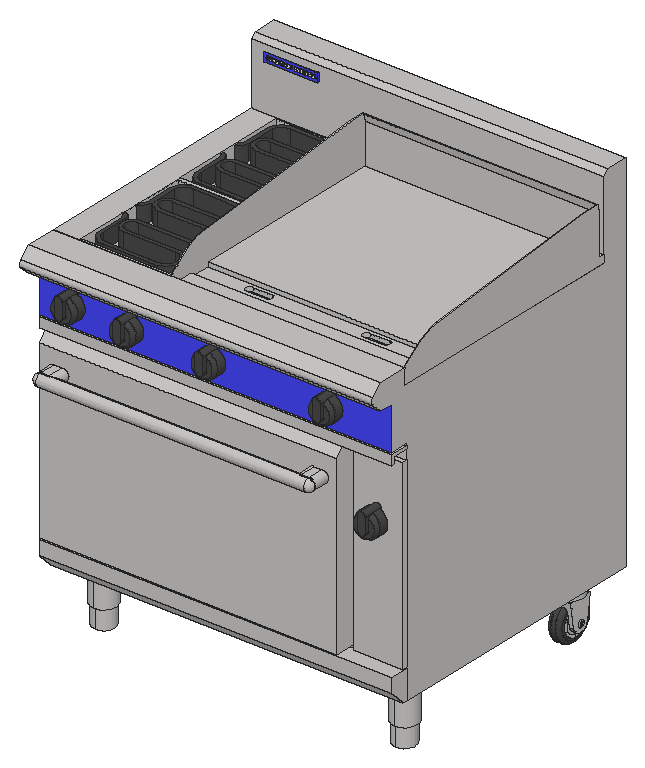
Revit family "QF_MOFFAT_BLUESEAL_CE_E506B", category Specialty Equipment, Revit 2012 (continued)
Definition of nested family "ELECTRIC BURNER & GRIDDLE 900"
  Lines and regions (mm)
    symbolic lines
      curve 27: arc (75.912, -271.286, 0) -> (87.513, -296.851, 0) -> (113.784, -306.75, 0) r 36.722
      curve 28: line (113.784, -306.75, 0) -> (246.212, -306.75, 0)
      curve 29: arc (246.212, -306.75, 0) -> (283.912, -269.05, 0) -> (246.212, -231.35, 0) r 37.7
      curve 30: line (246.212, -231.35, 0) -> (113.612, -231.35, 0)
      curve 31: arc (113.612, -231.35, 0) -> (95.912, -213.65, 0) -> (113.612, -195.95, 0) r 17.7
      curve 32: line (113.612, -195.95, 0) -> (246.212, -195.95, 0)
      curve 33: arc (246.212, -195.95, 0) -> (283.912, -158.25, 0) -> (246.212, -120.55, 0) r 37.7
      curve 34: line (246.212, -120.55, 0) -> (113.612, -120.55, 0)
      curve 35: arc (113.612, -120.55, 0) -> (95.912, -102.85, 0) -> (113.612, -85.15, 0) r 17.7
      curve 36: line (113.612, -85.15, 0) -> (246.212, -85.15, 0)
      curve 37: arc (246.212, -85.15, 0) -> (283.912, -47.45, 0) -> (246.212, -9.75, 0) r 37.7
      curve 38: line (246.212, -9.75, 0) -> (113.784, -9.75, 0)
      curve 39: arc (113.784, -9.75, 0) -> (87.513, -19.649, 0) -> (75.912, -45.214, 0) r 36.722
      curve 40: line (75.912, -45.214, 0) -> (75.912, -116.493, 0)
      curve 41: arc (75.912, -116.493, 0) -> (72.972, -125.276, 0) -> (65.612, -130.9, 0) r 15.79
      curve 42: line (65.612, -130.9, 0) -> (65.612, -141.293, 0)
      curve 43: arc (65.612, -141.293, 0) -> (80.048, -132.472, 0) -> (85.912, -116.604, 0) r 25.79
      curve 44: line (85.912, -116.604, 0) -> (85.912, -45.396, 0)
      curve 45: arc (85.912, -45.396, 0) -> (94.459, -26.845, 0) -> (113.612, -19.75, 0) r 26.722
      curve 46: line (246.212, -387.65, 0) -> (114.862, -387.65, 0)
      curve 47: arc (114.862, -387.65, 0) -> (87.162, -415.35, 0) -> (114.862, -443.05, 0) r 27.7
      curve 48: line (114.862, -443.05, 0) -> (246.212, -443.05, 0)
      curve 49: arc (246.212, -443.05, 0) -> (273.912, -470.75, 0) -> (246.212, -498.45, 0) r 27.7
      curve 50: line (246.212, -498.45, 0) -> (114.862, -498.45, 0)
      curve 51: arc (114.862, -498.45, 0) -> (87.162, -526.15, 0) -> (114.862, -553.85, 0) r 27.7
      curve 52: line (114.862, -553.85, 0) -> (246.212, -553.85, 0)
      curve 53: arc (246.212, -553.85, 0) -> (273.912, -581.55, 0) -> (246.212, -609.25, 0) r 27.7
      curve 54: line (246.212, -609.25, 0) -> (113.612, -609.25, 0)
      curve 55: arc (113.612, -609.25, 0) -> (94.459, -602.155, 0) -> (85.912, -583.604, 0) r 26.722
      curve 56: line (85.912, -583.604, 0) -> (85.912, -512.396, 0)
      curve 57: arc (85.912, -512.396, 0) -> (79.848, -496.287, 0) -> (65, -487.582, 0) r 25.79
      curve 58: line (65, -487.582, 0) -> (65, -497.888, 0)
      curve 59: arc (65, -497.888, 0) -> (72.781, -503.462, 0) -> (75.912, -512.507, 0) r 15.79
      curve 60: line (75.912, -512.507, 0) -> (75.912, -583.786, 0)
      curve 61: arc (75.912, -583.786, 0) -> (87.513, -609.351, 0) -> (113.784, -619.25, 0) r 36.722
      curve 62: line (113.784, -619.25, 0) -> (246.212, -619.25, 0)
      curve 63: arc (246.212, -619.25, 0) -> (283.912, -581.55, 0) -> (246.212, -543.85, 0) r 37.7
      curve 64: line (246.212, -543.85, 0) -> (113.612, -543.85, 0)
      curve 65: arc (113.612, -543.85, 0) -> (95.912, -526.15, 0) -> (113.612, -508.45, 0) r 17.7
      curve 66: line (113.612, -508.45, 0) -> (246.212, -508.45, 0)
      curve 67: arc (246.212, -508.45, 0) -> (283.912, -470.75, 0) -> (246.212, -433.05, 0) r 37.7
      curve 68: line (246.212, -433.05, 0) -> (113.612, -433.05, 0)
      curve 69: arc (113.612, -433.05, 0) -> (95.912, -415.35, 0) -> (113.612, -397.65, 0) r 17.7
      curve 70: line (113.612, -397.65, 0) -> (246.212, -397.65, 0)
      curve 71: arc (246.212, -397.65, 0) -> (283.912, -359.95, 0) -> (246.212, -322.25, 0) r 37.7
      curve 72: line (246.212, -322.25, 0) -> (113.784, -322.25, 0)
      curve 73: arc (113.784, -322.25, 0) -> (87.513, -332.149, 0) -> (75.912, -357.714, 0) r 36.722
      curve 74: line (75.912, -357.714, 0) -> (75.912, -428.981, 0)
      curve 75: arc (75.912, -428.981, 0) -> (72.964, -437.79, 0) -> (65.612, -443.468, 0) r 15.973
      curve 76: line (65.612, -443.468, 0) -> (65.612, -453.881, 0)
      curve 77: arc (65.612, -453.881, 0) -> (80.037, -444.995, 0) -> (85.912, -429.104, 0) r 25.973
      curve 78: line (85.912, -429.104, 0) -> (85.912, -357.896, 0)
      curve 79: arc (85.912, -357.896, 0) -> (94.459, -339.345, 0) -> (113.612, -332.25, 0) r 26.722
      curve 80: line (113.612, -332.25, 0) -> (246.212, -332.25, 0)
      curve 81: arc (246.212, -332.25, 0) -> (273.912, -359.95, 0) -> (246.212, -387.65, 0) r 27.7
      curve 82: line (0, 0, 0) -> (0, -635, 0)
      curve 83: line (65.8, -320.251, 0) -> (294.362, -320.251, 0)
      curve 84: line (294.362, -320.251, 0) -> (294.362, -630, 0)
      curve 85: line (294.362, -630, 0) -> (65.8, -630, 0)
      curve 86: line (65.8, -630, 0) -> (65.8, -320.251, 0)
      curve 87: line (65.8, -312.651, 0) -> (65.8, -5, 0)
      curve 88: line (65.8, -5, 0) -> (294.362, -5, 0)
      curve 89: line (294.362, -5, 0) -> (294.362, -312.651, 0)
      curve 90: line (294.362, -312.651, 0) -> (65.8, -312.651, 0)
  Dimensions and locks
    equal spacing: plane 3 "LEFT", plane 7 "Center Y", plane 4 "RIGHT"
    "Width": plane 3 "LEFT" to plane 4 "RIGHT"
    equal spacing: plane 5 "FRONT", plane 8 "Center X", plane 1 "BACK"
    "Depth": plane 5 "FRONT" to plane 1 "BACK"
    aligned and locked: level to plane 2
  Automatic sketch dimensions
    plane 1 "BACK" to Extrusion 1 sketch curve = 0 mm
    Extrusion 1 sketch curve to plane 10 = 0 mm  (x2)
    Extrusion 1 sketch curve to plane 3 "LEFT" = 0 mm
    plane 5 "FRONT" to Extrusion 1 sketch curve = 0 mm
    plane 1 "BACK" to Extrusion 1 sketch curve = 5 mm
    plane 8 "Center X" to Extrusion 1 sketch curve = 4.849 mm
    Extrusion 1 sketch curve to plane 8 "Center X" = 2.751 mm
    Extrusion 1 sketch curve to plane 5 "FRONT" = 5 mm
    Extrusion 1 sketch curve to plane 7 "Center Y" = 155.638 mm  (x2)
    Extrusion 1 sketch curve to Extrusion 1 sketch curve = 5.638 mm
    Extrusion 2 sketch curve to Extrusion 2 sketch curve = 0 mm  (x35)
    plane 1 "BACK" to Extrusion 2 sketch curve = 9.75 mm
    Extrusion 2 sketch curve to Extrusion 2 sketch curve = 10 mm  (x2)
    plane 9 to Extrusion 2 sketch curve = 24.786 mm
    Extrusion 2 sketch curve to Extrusion 2 sketch curve = 0.182 mm  (x4)
    plane 9 to Extrusion 2 sketch curve = 23.546 mm
    plane 9 to Extrusion 2 sketch curve = 22.55 mm
    Extrusion 2 sketch curve to Extrusion 2 sketch curve = 17.7 mm  (x4)
    Extrusion 2 sketch curve to plane 9 = 46.093 mm
    Extrusion 2 sketch curve to Extrusion 2 sketch curve = 0.4 mm  (x2)
    Extrusion 2 sketch curve to Extrusion 2 sketch curve = 0.111 mm  (x2)
    Extrusion 2 sketch curve to Extrusion 2 sketch curve = 14.806 mm
    Extrusion 2 sketch curve to Extrusion 2 sketch curve = 10.393 mm
    Extrusion 2 sketch curve to Extrusion 2 sketch curve = 27.7 mm  (x6)
    Extrusion 2 sketch curve to Extrusion 2 sketch curve = 33.826 mm
    Extrusion 2 sketch curve to Extrusion 2 sketch curve = 10.413 mm  (x2)
    Extrusion 2 sketch curve to Extrusion 2 sketch curve = 14.364 mm
    Extrusion 2 sketch curve to Extrusion 2 sketch curve = 0.123 mm  (x2)
    Extrusion 2 sketch curve to Extrusion 2 sketch curve = 14.934 mm  (x2)
    Extrusion 2 sketch curve to Extrusion 2 sketch curve = 26.704 mm  (x2)
    Extrusion 2 sketch curve to Extrusion 2 sketch curve = 1.058 mm  (x3)
    Extrusion 2 sketch curve to plane 8 "Center X" = 4.75 mm
    Extrusion 2 sketch curve to plane 8 "Center X" = 40.214 mm
    Extrusion 2 sketch curve to Extrusion 2 sketch curve = 4.516 mm
    Extrusion 2 sketch curve to Extrusion 2 sketch curve = 0.447 mm
    Extrusion 2 sketch curve to Extrusion 2 sketch curve = 33.7 mm
    Extrusion 2 sketch curve to Extrusion 2 sketch curve = 10.306 mm
    Extrusion 2 sketch curve to Extrusion 2 sketch curve = 14.508 mm
    plane 3 "LEFT" to Extrusion 2 sketch curve = 59.946 mm  (x2)
    plane 3 "LEFT" to Extrusion 2 sketch curve = 60.128 mm  (x2)
    Extrusion 2 sketch curve to Extrusion 2 sketch curve = 4.872 mm
    Extrusion 2 sketch curve to Extrusion 2 sketch curve = 5.484 mm
    Extrusion 2 sketch curve to Extrusion 2 sketch curve = 5.667 mm  (x2)
    Extrusion 2 sketch curve to Extrusion 2 sketch curve = 26.701 mm  (x4)
    Extrusion 2 sketch curve to Extrusion 2 sketch curve = 0.999 mm  (x3)
    Extrusion 2 sketch curve to Extrusion 2 sketch curve = 0.156 mm
    Extrusion 2 sketch curve to Extrusion 2 sketch curve = 0.625 mm
    Extrusion 2 sketch curve to Extrusion 2 sketch curve = 1.25 mm  (x2)
    Extrusion 2 sketch curve to Extrusion 2 sketch curve = 132.6 mm
    Extrusion 2 sketch curve to Extrusion 2 sketch curve = 132.428 mm
    Extrusion 2 sketch curve to Extrusion 2 sketch curve = 131.35 mm
    curve 11 to curve 37 = 0 mm  (x2)
    curve 15 to curve 33 = 0 mm  (x2)
    curve 19 to curve 29 = 0 mm  (x2)
    curve 21 to curve 27 = 0 mm  (x2)
    curve 23 to curve 25 = 0 mm  (x2)
    curve 39 to curve 45 = 0 mm  (x2)
    curve 41 to curve 43 = 0 mm  (x2)
    curve 49 to curve 67 = 0 mm  (x2)
    curve 53 to curve 63 = 0 mm  (x2)
    curve 55 to curve 61 = 0 mm  (x2)
    curve 57 to curve 59 = 0 mm  (x2)
    curve 71 to curve 81 = 0 mm  (x2)
    curve 73 to curve 79 = 0 mm  (x2)
    curve 75 to curve 77 = 0 mm  (x2)
    curve 1 to plane 3 "LEFT" = 0 mm
    plane 5 "FRONT" to curve 7 = 0 mm
    curve 3 to plane 4 "RIGHT" = 0 mm
    plane 1 "BACK" to curve 82 = 0 mm
    plane 3 "LEFT" to curve 25 = 59.946 mm
    plane 3 "LEFT" to curve 75 = 59.946 mm
    plane 3 "LEFT" to curve 59 = 60.128 mm
    plane 3 "LEFT" to curve 43 = 60.128 mm
    curve 57 to curve 58 = 4.872 mm
    curve 23 to curve 25 = 5.667 mm
    curve 41 to curve 43 = 5.484 mm
    curve 75 to curve 76 = 5.667 mm
    curve 7 to plane 8 "Center X" = 2.751 mm
    plane 3 "LEFT" to curve 7 = 65.8 mm
    curve 90 to curve 7 = 0 mm
    curve 57 to curve 59 = 15.784 mm
    curve 75 to curve 74 = 15.967 mm
    curve 87 to curve 27 = 10.112 mm
    curve 87 to curve 39 = 10.112 mm
    curve 25 to curve 23 = 10 mm
    curve 39 to curve 44 = 10 mm
    curve 73 to curve 79 = 10 mm
    curve 59 to curve 57 = 10 mm
    curve 44 to curve 39 = 26.701 mm
    curve 21 to curve 27 = 26.701 mm
    curve 79 to curve 79 = 26.701 mm
    curve 56 to curve 55 = 26.701 mm
    curve 23 to curve 32 = 27.7 mm
    curve 36 to plane 9 = 15.15 mm
    curve 39 to curve 36 = 0.999 mm
    curve 56 to curve 66 = 27.7 mm
    curve 55 to curve 55 = 0.999 mm
    curve 77 to curve 68 = 27.7 mm
    curve 21 to curve 20 = 0.999 mm
    curve 79 to plane 8 "Center X" = 14.75 mm
    curve 73 to curve 79 = 0.999 mm
    curve 39 to curve 45 = 0.999 mm
    curve 35 to curve 13 = 0.156 mm
    curve 54 to curve 62 = 0.172 mm
    curve 45 to curve 39 = 0.172 mm
    curve 80 to curve 72 = 0.172 mm
    curve 20 to curve 27 = 0.172 mm
    curve 31 to curve 17 = 0.625 mm
    curve 65 to curve 51 = 1.25 mm
    curve 68 to curve 48 = 1.25 mm
    curve 54 to plane 5 "FRONT" = 25.75 mm
    curve 54 to curve 54 = 132.6 mm
    curve 50 to curve 63 = 0 mm
    curve 46 to curve 68 = 0 mm
    plane 1 "BACK" to curve 38 = 9.75 mm
    curve 39 to curve 38 = 132.428 mm
    curve 34 to curve 36 = 0 mm
    curve 30 to curve 32 = 0 mm
    plane 8 "Center X" to curve 90 = 4.849 mm
    curve 29 to curve 90 = 48.15 mm
    curve 9 to plane 5 "FRONT" = 0.299 mm
    curve 62 to curve 9 = 48.15 mm
    curve 8 to curve 89 = 0 mm
    curve 9 to curve 9 = 11.275 mm
    plane 4 "RIGHT" to curve 2 = 65.612 mm
    curve 6 to curve 86 = 5 mm
    curve 62 to curve 54 = 10 mm
    curve 55 to curve 60 = 25.464 mm
    curve 54 to curve 53 = 27.7 mm
    curve 64 to curve 65 = 17.7 mm
    curve 65 to curve 51 = 0 mm
    curve 59 to curve 66 = 4.457 mm
    curve 57 to curve 59 = 0.4 mm
    curve 59 to curve 57 = 0.111 mm
    curve 49 to curve 67 = 27.7 mm
    curve 57 to curve 77 = 33.7 mm
    curve 77 to curve 76 = 10.413 mm
    curve 75 to curve 77 = 14.364 mm
    curve 68 to curve 69 = 17.7 mm
    curve 69 to curve 47 = 0 mm
    curve 79 to curve 79 = 26.704 mm
    plane 8 "Center X" to curve 28 = 10.75 mm
    curve 28 to curve 19 = 10 mm
    curve 87 to curve 26 = 41.365 mm
    curve 20 to curve 19 = 27.7 mm
    curve 30 to curve 31 = 17.7 mm
    curve 31 to curve 17 = 0 mm
    curve 23 to curve 32 = 4.516 mm
    curve 23 to curve 26 = 0.447 mm
    curve 25 to curve 23 = 0.123 mm
    curve 15 to curve 33 = 27.7 mm
    curve 24 to curve 43 = 33.826 mm
    curve 42 to curve 41 = 10.393 mm
    curve 42 to curve 43 = 14.296 mm
    curve 35 to curve 13 = 0 mm
    curve 39 to curve 10 = 26.704 mm
    plane 1 "BACK" to curve 88 = 5 mm
  Nested families
    nested 1: "ELECTRIC GRIDDLE PLATE 300" at (300, -15, 0), type "ELECTRIC GRIDDLE PLATE 300"
      with Width 600 mm, Type Mark "", Status "", Specification by User "", Show Clearance yes, Revision Code "", Number of Poles 1, Mechanical Remarks "", Mechanical Connection Type "", Item Number "", Installed By "", Identify Quantity as Lot yes, Gas RI Height 0 mm, Gas KW 0, Gas Input 0.0 Btu/h, Furnished By "", Foodservice Equipment Identifier yes, Electrical Remarks "", Electric Connection Type "", Elec Conn RI Height 0 mm, Elec Conn Connection Height 0 mm, Depth 620 mm
  Definition of nested family "ELECTRIC GRIDDLE PLATE 300"
    Parameters (values of type "ELECTRIC GRIDDLE PLATE 300")
      Width [instance] = 600 mm
      Weight in Pounds = 0
      Watts = 0 W
      Volts = 0 V
      URL Cutsheet = ""
      Type Mark [instance] = ""
      Status [instance] = ""
      Specification by User [instance] = ""
      Specification by Manufacturer = ""
      Show Clearance [instance] = yes
      Serial Number = ""
      Seismic Rating = ""
      SMACNA No = ""
      Revision Code [instance] = ""
      Phase = 1
      Omniclass Number and Title = ""
      Number of Poles [instance] = 1
      NAFEM Spec ID Number = ""
      Min Ckt Ampacity = 0 A
      Mechanical Remarks [instance] = ""
      Mechanical Connection Type [instance] = ""
      Max Overcurrent Protection = 0 A
      Masterspec = ""
      Item Number [instance] = ""
      Installed By [instance] = ""
      Identify Quantity as Lot [instance] = yes
      HP = ""
      Gas Size = 0"
      Gas RI Height [instance] = 0 mm
      Gas KW [instance] = 0
      Gas Input [instance] = 0.0 Btu/h
      Gas Connection Height = 0 mm
      Furnished By [instance] = ""
      Foodservice Equipment Identifier [instance] = yes
      FL Amps = 0 A
      Electrical Remarks [instance] = ""
      Electric Connection Type [instance] = ""
      Elec Conn RI Height [instance] = 0 mm
      Elec Conn Connection Height [instance] = 0 mm
      Depth [instance] = 620 mm
      Cycle = 0 Hz
      Conn Plug = ""
      Conn Conduit = yes
      CSI MasterFormat = ""
      CSI Master Format = ""
      Apparent Power = if(Phase = 3, Volts * FL Amps * 1.73, Volts * FL Amps)  # 0 VA
    Reference planes
      plane 1 "BACK": y = 0
      plane 2: z = 0
      plane 3 "LEFT": x = 0
      plane 4 "RIGHT": x = 600
      plane 5 "FRONT": y = -620
      plane 6 "TOP": z = 142.5
      plane 7 "Center Y": x = 300
      plane 8 "Center X": y = -310
      plane 9: y = -530.997
      plane 10: y = -541.497
      plane 11: y = -503.25
      plane 12: y = -557.737
    Forms (mm)
      Extrusion 1, solid, material "QF_Finishes_Stainless Steel"
        sketch origin (0, 70.003, -874.5) x (0, 1, 0) y (0, 0, 1)
          loop
            line (-70, 875) -> (-70, 997.489) -> (-75.228, 1017) -> (-117.24, 1017) -> (-589.533, 971.523)
            arc (-589.533, 971.523) -> (-614.56, 965.803) -> (-637.306, 953.899) r 100
            line (-637.306, 953.899) -> (-690.003, 917) -> (-690.003, 875) -> (-70, 875)
        from 0 to 1.8
      Extrusion 2, solid, material "QF_Finishes_Stainless Steel"
        sketch origin (600, 70.003, -874.5) x (0, -1, 0) y (0, 0, 1)
          loop
            line (70, 875) -> (690.003, 875) -> (690.003, 917) -> (637.306, 953.899)
            arc (637.306, 953.899) -> (614.56, 965.803) -> (589.533, 971.523) r 100
            line (589.533, 971.523) -> (117.24, 1017) -> (75.228, 1017) -> (70, 997.489) -> (70, 875)
        from 0 to 1.2
      Extrusion 3, solid, material "QF_Finishes_Stainless Steel"
        sketch origin (150, 70.003, -874.5) x (0, 1, 0) y (0, 0, 1)
          loop
            line (-55, 895) -> (-573.253, 895) -> (-573.253, 884.5) -> (-627.74, 884.5) -> (-627.74, 895) -> (-690.003, 895) -> (-690.003, 875) -> (-55, 875) -> (-55, 895)
        from -148.2 to 450
      Extrusion 4, void
        sketch origin (150, -541.497, 10) x (0, -1, 0) y (1, 0, 0)
          loop
            arc (-7.497, 325) -> (-17.497, 335) -> (-27.497, 325) r 10
            line (-27.497, 325) -> (-27.497, 275)
            arc (-27.497, 275) -> (-17.497, 265) -> (-7.497, 275) r 10
            line (-7.497, 275) -> (-7.497, 325)
          loop
            arc (-7.497, 25) -> (-17.497, 35) -> (-27.497, 25) r 10
            line (-27.497, 25) -> (-27.497, -25)
            arc (-27.497, -25) -> (-17.497, -35) -> (-7.497, -25) r 10
            line (-7.497, -25) -> (-7.497, 25)
        from -41.4 to 40.142
      Extrusion 5, solid, material "QF_Finishes_Stainless Steel"
        sketch origin (0, 70.003, -874.5) x (0, 1, 0) y (0, 0, 1)
          loop
            line (-70, 875) -> (-70, 997.489) -> (-75.228, 1017) -> (-76.884, 1017) -> (-71.6, 997.278) -> (-71.6, 875) -> (-70, 875)
        from 0 to 598.8
    Cuts and joins
      Extrusion 4 cuts Extrusion 3
      joined: Extrusion 1, Extrusion 2, Extrusion 3, Extrusion 5
    Lines and regions (mm)
      symbolic lines
        curve 1: line (598.8, -503.25, 0) -> (1.8, -503.25, 0)
        curve 2: line (1.8, -557.737, 0) -> (598.8, -557.737, 0)
        curve 3: line (1.8, -1.68, 0) -> (598.8, -1.68, 0)
        curve 4: line (598.8, -1.68, 0) -> (598.8, -620, 0)
        curve 5: line (1.8, -620, 0) -> (1.8, -1.68, 0)
        curve 6: line (1.8, -620, 0) -> (598.8, -620, 0)
        curve 7: line (125, -514, 0) -> (175, -514, 0)
        curve 8: arc (175, -514, 0) -> (185, -524, 0) -> (175, -534, 0) r 10
        curve 9: line (175, -534, 0) -> (125, -534, 0)
        curve 10: arc (125, -534, 0) -> (115, -524, 0) -> (125, -514, 0) r 10
        curve 11: line (425, -514, 0) -> (475, -514, 0)
        curve 12: arc (475, -514, 0) -> (485, -524, 0) -> (475, -534, 0) r 10
        curve 13: line (475, -534, 0) -> (425, -534, 0)
        curve 14: arc (425, -534, 0) -> (415, -524, 0) -> (425, -514, 0) r 10
    Dimensions and locks
      equal spacing: plane 3 "LEFT", plane 7 "Center Y", plane 4 "RIGHT"
      "Width": plane 3 "LEFT" to plane 4 "RIGHT"
      equal spacing: plane 5 "FRONT", plane 8 "Center X", plane 1 "BACK"
      "Depth": plane 5 "FRONT" to plane 1 "BACK"
      locked: Extrusion 2 to Extrusion 2 at 1.2
      aligned and locked: level to plane 2
      aligned and locked: Extrusion 2 to plane 4 "RIGHT"
      aligned and locked: curve 1 to plane 11
      aligned and locked: plane 12 to curve 2
      aligned and locked: Extrusion 5 to cut or joined group of Extrusion 1, Extrusion 2, Extrusion 3, Extrusion 4, Extrusion 5
      aligned and locked: cut or joined group of Extrusion 1, Extrusion 2, Extrusion 3, Extrusion 4, Extrusion 5 to plane 4 "RIGHT"
    Automatic sketch dimensions
      plane 5 "FRONT" to curve 6 = 0 mm
      plane 3 "LEFT" to curve 6 = 1.8 mm
      plane 4 "RIGHT" to curve 4 = 1.2 mm
      plane 1 "BACK" to curve 3 = 1.68 mm
      Extrusion 1 sketch curve to plane 5 "FRONT" = 0 mm
      Extrusion 1 sketch curve to plane 6 "TOP" = 0 mm
      plane 12 to Extrusion 1 sketch curve = 9.566 mm
      plane 11 to Extrusion 1 sketch curve = 16.28 mm
      Extrusion 1 sketch curve to level = 2.516 mm
      plane 11 to Extrusion 1 sketch curve = 6.695 mm
      plane 1 "BACK" to Extrusion 1 sketch curve = 47.237 mm
      plane 1 "BACK" to Extrusion 1 sketch curve = 5.225 mm
      Extrusion 1 sketch curve to plane 1 "BACK" = 0.003 mm
      level to Extrusion 1 sketch curve = 0.5 mm
      Extrusion 1 sketch curve to Extrusion 1 sketch curve = 42 mm
      Extrusion 1 sketch curve to plane 6 "TOP" = 63.101 mm
      Extrusion 1 sketch curve to plane 6 "TOP" = 19.511 mm
      Extrusion 2 sketch curve to plane 6 "TOP" = 0 mm
      Extrusion 2 sketch curve to plane 5 "FRONT" = 0 mm
      plane 12 to Extrusion 2 sketch curve = 9.566 mm
      plane 11 to Extrusion 2 sketch curve = 16.28 mm
      Extrusion 2 sketch curve to level = 2.516 mm
      plane 11 to Extrusion 2 sketch curve = 6.695 mm
      plane 1 "BACK" to Extrusion 2 sketch curve = 47.237 mm
      plane 1 "BACK" to Extrusion 2 sketch curve = 5.225 mm
      Extrusion 2 sketch curve to plane 1 "BACK" = 0.003 mm
      level to Extrusion 2 sketch curve = 0.5 mm
      Extrusion 2 sketch curve to Extrusion 2 sketch curve = 42 mm
      Extrusion 2 sketch curve to plane 6 "TOP" = 63.101 mm
      Extrusion 2 sketch curve to plane 6 "TOP" = 19.511 mm
      Extrusion 3 sketch curve to plane 5 "FRONT" = 0 mm
      Extrusion 3 sketch curve to plane 12 = 0 mm
      Extrusion 3 sketch curve to plane 11 = 0 mm
      Extrusion 3 sketch curve to plane 1 "BACK" = 15.003 mm
      level to Extrusion 3 sketch curve = 0.5 mm
      level to Extrusion 3 sketch curve = 10 mm
      Extrusion 3 sketch curve to Extrusion 3 sketch curve = 10.5 mm  (x2)
      plane 1 "BACK" to Extrusion 5 sketch curve = 5.225 mm
      Extrusion 5 sketch curve to plane 1 "BACK" = 0.003 mm
      Extrusion 5 sketch curve to plane 6 "TOP" = 19.511 mm
      Extrusion 5 sketch curve to Extrusion 5 sketch curve = 1.6 mm
      Extrusion 5 sketch curve to Extrusion 5 sketch curve = 0.211 mm
      Extrusion 5 sketch curve to plane 6 "TOP" = 0 mm
      Extrusion 5 sketch curve to Extrusion 5 sketch curve = 1.656 mm
      level to Extrusion 5 sketch curve = 0.5 mm
      plane 11 to Extrusion 4 sketch curve = 10.75 mm  (x2)
      Extrusion 4 sketch curve to Extrusion 4 sketch curve = 10 mm  (x2)
      plane 3 "LEFT" to Extrusion 4 sketch curve = 125 mm
      Extrusion 4 sketch curve to Extrusion 4 sketch curve = 50 mm  (x2)
      plane 7 "Center Y" to Extrusion 4 sketch curve = 125 mm
      plane 11 to curve 10 = 10.75 mm
      curve 1 to curve 10 = 123.2 mm
      curve 9 to plane 12 = 23.737 mm
      curve 9 to curve 9 = 50 mm
      plane 11 to curve 14 = 10.75 mm
      plane 7 "Center Y" to curve 14 = 125 mm
      curve 13 to plane 12 = 23.737 mm
      curve 13 to curve 13 = 50 mm
